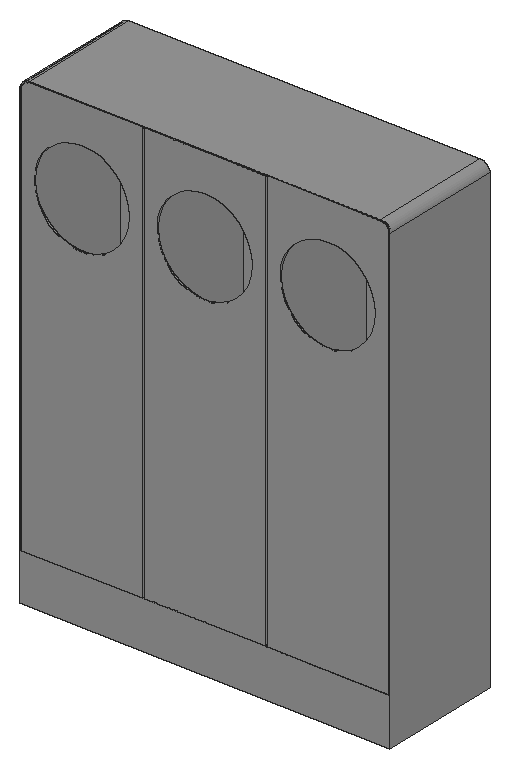
Revit family "Урна для раздельного сбора мусора «Корсика» Арт 25577", category Антураж, Revit 2018
Family settings
  На основе рабочей плоскости = Нет
  Всегда вертикально = Да
  При загрузке вырезать с полостями = Нет
  Источник визуального образа = Геометрия семейства
  Общий = Нет
  Точка расчета площади = Нет
Parameters (values of type "Урна для раздельного сбора мусора «Корсика»")
  Ширина = 260 mm  # constant formula
  Цвет урны = Зеленый
  Описание = "Урна для раздельного сбора мусора «Корсика»"  # constant formula
  Материал изделия = "Сталь"  # constant formula
  Изображение типоразмера = Урна для раздельного сбора мусора «Корсика» Арт 25577.jpeg
  Изготовитель = "ООО «Хоббика»"  # constant formula
  Длина = 775 mm  # constant formula
  Группа модели = "Уличные урны"  # constant formula
  Высота = 985 mm  # constant formula
  Артикул товара = "Арт. 25577"  # constant formula
  URL = "https://hobbyka.ru/product/urna_dlya_razdelnogo_sbora_musora_korsika/"
Reference planes
  plane 1 "По центру (Вперед/Назад)": y = 0
  plane 2: z = 0
  plane 3 "По центру (Влево/Вправо)": x = 0
  plane 4: x = 775
  plane 5: y = 260
  plane 6: z = 985
Forms (mm)
  Extrusion 1, solid, material "Зеленый" <- "Цвет урны"
    sketch origin (0, 0, 0) x (1, 0, 0) y (0, 0, 1)
      loop
        arc (20, 985) -> (5.858, 979.142) -> (0, 965) r 20
        line (0, 965) -> (0, 0) -> (775, 0) -> (775, 965)
        arc (775, 965) -> (769.142, 979.142) -> (755, 985) r 20
        line (755, 985) -> (20, 985)
      loop
        arc (20, 983) -> (7.272, 977.728) -> (2, 965) r 18
        line (2, 965) -> (2, 100) -> (773, 100) -> (773, 965)
        arc (773, 965) -> (767.728, 977.728) -> (755, 983) r 18
        line (755, 983) -> (20, 983)
    from 0 to -260
  Extrusion 2, solid, material "Зеленый" <- "Цвет урны"
    sketch origin (0, 0, 0) x (1, 0, 0) y (0, 0, 1)
      loop
        line (2, 965) -> (2, 100) -> (773, 100) -> (773, 965)
        arc (773, 965) -> (767.728, 977.728) -> (755, 983) r 18
        line (755, 983) -> (20, 983)
        arc (20, 983) -> (7.272, 977.728) -> (2, 965) r 18
    from -258 to -260
  Extrusion 3, solid, material "Зеленый" <- "Цвет урны"
    sketch origin (0, 0, 0) x (1, 0, 0) y (0, 1, 0)
      loop
        line (3, 0) -> (257, 0)
        arc (257, 0) -> (257.707, 0.293) -> (258, 1) r 1
        line (258, 1) -> (2, 1)
        arc (2, 1) -> (2.293, 0.293) -> (3, 0) r 1
      loop
        arc (514, 0) -> (514.707, 0.293) -> (515, 1) r 1
        line (515, 1) -> (260, 1)
        arc (260, 1) -> (260.293, 0.293) -> (261, 0) r 1
        line (261, 0) -> (514, 0)
      loop
        line (518, 0) -> (772, 0)
        arc (772, 0) -> (772.707, 0.293) -> (773, 1) r 1
        line (773, 1) -> (517, 1)
        arc (517, 1) -> (517.293, 0.293) -> (518, 0) r 1
    from 100 to 983
  Extrusion 4, void
    sketch origin (0, 0, 0) x (1, 0, 0) y (0, 0, 1)
      loop
        circle (387.5, 805) r 100
      loop
        circle (130, 805) r 100
      loop
        circle (645, 805) r 100
      loop
        arc (2, 965) -> (7.272, 977.728) -> (20, 983) r 18
        line (20, 983) -> (2, 983) -> (2, 965)
      loop
        line (773, 983) -> (755, 983)
        arc (755, 983) -> (767.728, 977.728) -> (773, 965) r 18
        line (773, 965) -> (773, 983)
    from 0 to -35.967
  Extrusion 5, solid, material "Зеленый" <- "Цвет урны"
    sketch origin (0, 0, 0) x (1, 0, 0) y (0, 0, 1)
      loop
        line (258, 983) -> (258, 100) -> (260, 100) -> (260, 983) -> (258, 983)
      loop
        line (515, 983) -> (515, 100) -> (517, 100) -> (517, 983) -> (515, 983)
    from -1 to -258
Cuts and joins
  joined: Extrusion 1, Extrusion 2
  Extrusion 4 cuts Extrusion 3
Dimensions and locks
  "Длина": plane 3 "По центру (Влево/Вправо)" to plane 4
  "Ширина": plane 5 to plane 1 "По центру (Вперед/Назад)"
  "Высота": plane 6 to plane 2
  aligned and locked: level to plane 2
Automatic sketch dimensions
  Extrusion 1 sketch curve to Extrusion 1 sketch curve = 0 mm  (x4)
  Extrusion 1 sketch curve to plane 3 "По центру (Влево/Вправо)" = 0 mm
  Extrusion 1 sketch curve to plane 6 = 0 mm
  Extrusion 1 sketch curve to level = 0 mm
  Extrusion 1 sketch curve to plane 4 = 0 mm
  plane 3 "По центру (Влево/Вправо)" to Extrusion 1 sketch curve = 2 mm
  Extrusion 1 sketch curve to Extrusion 1 sketch curve = 18 mm
  Extrusion 1 sketch curve to plane 4 = 20 mm
  level to Extrusion 1 sketch curve = 100 mm
  plane 3 "По центру (Влево/Вправо)" to Extrusion 2 sketch curve = 2 mm
  Extrusion 2 sketch curve to plane 6 = 2 mm
  plane 3 "По центру (Влево/Вправо)" to Extrusion 2 sketch curve = 20 mm
  Extrusion 2 sketch curve to plane 4 = 20 mm
  Extrusion 2 sketch curve to plane 4 = 2 mm
  level to Extrusion 2 sketch curve = 100 mm
  plane 1 "По центру (Вперед/Назад)" to Extrusion 3 sketch curve = 0 mm  (x3)
  Extrusion 3 sketch curve to plane 1 "По центру (Вперед/Назад)" = 1 mm  (x2)
  plane 3 "По центру (Влево/Вправо)" to Extrusion 3 sketch curve = 2 mm
  Extrusion 3 sketch curve to Extrusion 3 sketch curve = 254 mm
  Extrusion 3 sketch curve to Extrusion 3 sketch curve = 2 mm  (x2)
  Extrusion 3 sketch curve to Extrusion 3 sketch curve = 1 mm
  Extrusion 3 sketch curve to plane 4 = 3 mm
  Extrusion 3 sketch curve to Extrusion 3 sketch curve = 253 mm
  plane 3 "По центру (Влево/Вправо)" to Extrusion 4 sketch curve = 130 mm
  Extrusion 4 sketch curve to Extrusion 4 sketch curve = 257.5 mm
  Extrusion 4 sketch curve to plane 4 = 130 mm
  Extrusion 4 sketch curve to plane 6 = 180 mm  (x3)
  plane 3 "По центру (Влево/Вправо)" to Extrusion 4 sketch curve = 20 mm
  plane 3 "По центру (Влево/Вправо)" to Extrusion 4 sketch curve = 2 mm
  Extrusion 4 sketch curve to plane 4 = 755 mm
  level to Extrusion 4 sketch curve = 965 mm  (x2)
  Extrusion 4 sketch curve to plane 6 = 2 mm  (x2)
  Extrusion 4 sketch curve to Extrusion 4 sketch curve = 0 mm  (x2)
  Extrusion 4 sketch curve to plane 4 = 2 mm
  Extrusion 4 sketch curve to Extrusion 4 sketch curve = 18 mm  (x3)
  Extrusion 4 sketch curve to plane 6 = 20 mm
  level to Extrusion 5 sketch curve = 100 mm  (x2)
  plane 3 "По центру (Влево/Вправо)" to Extrusion 5 sketch curve = 258 mm
  Extrusion 5 sketch curve to Extrusion 5 sketch curve = 2 mm  (x2)
  Extrusion 5 sketch curve to plane 6 = 2 mm  (x2)
  Extrusion 5 sketch curve to Extrusion 5 sketch curve = 255 mm
  radius of Extrusion 4 sketch curve = 100 mm  (x3)
